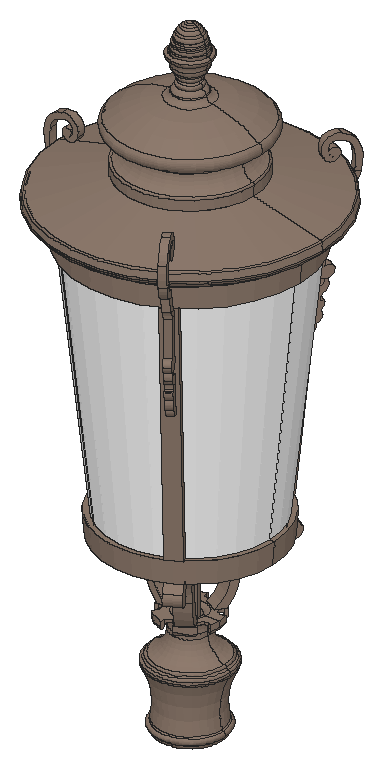
Revit family "LA664", category Generic Models, Revit 2017
Family settings
  Can host rebar = No
  Round Connector Dimension = Use Diameter
  Part Type = Normal
  Work Plane-Based = No
  Always vertical = Yes
  Cut with Voids When Loaded = No
  Shared = No
  Room Calculation Point = No
Parameters
  LUMIN = Bronze, Architectural
  LENS = Polycarbonate, Clear
Reference planes (in)
  plane 1 "Center (Front/Back)": y = 0
  plane 2: z = 0
  plane 3 "Center (Left/Right)": x = 0
Forms (in)
  Revolve 1, solid, material "Bronze, Architectural" <- "LUMIN"
    sketch origin (-64.081, 0, 0) x (1, 0, 0) y (0, 0, 1)
      loop
        arc (61.456, 4.56528) -> (61.36761, 4.52866) -> (61.331, 4.44028) r 0.125
        line (61.331, 4.44028) -> (61.331, 4.24444)
        arc (61.331, 4.24444) -> (61.34108, 4.19527) -> (61.36969, 4.15402) r 0.125
        arc (61.36969, 4.15402) -> (61.95357, 2.48636) -> (61.90586, 0.72007) r 4.88398
        arc (61.90586, 0.72007) -> (61.87218, 0.66816) -> (61.831, 0.62197) r 0.40627
        arc (61.831, 0.62197) -> (61.65387, 0.44484) -> (61.831, 0.26772) r 0.17712
        arc (61.831, 0.26772) -> (61.85568, 0.22329) -> (61.85414, 0.17248) r 0.0957
        arc (61.85414, 0.17248) -> (61.85807, 0.07412) -> (61.92287, 0) r 0.14793
        line (61.92287, 0) -> (62.12719, 0) -> (62.12719, 0.1875) -> (62.04558, 0.1875)
        arc (62.04558, 0.1875) -> (62.03743, 0.2694) -> (62.00607, 0.3455) r 0.2832
        arc (62.00607, 0.3455) -> (62.16087, 2.35795) -> (61.5185, 4.27139) r 5.07148
        line (61.5185, 4.27139) -> (61.5185, 4.38409)
        arc (61.5185, 4.38409) -> (61.6801, 4.47248) -> (61.76384, 4.63653) r 0.3125
        arc (61.76384, 4.63653) -> (62.61641, 5.27466) -> (63.01997, 6.26017) r 1.99769
        line (63.01997, 6.26017) -> (63.331, 6.26017) -> (63.331, 6.57267) -> (62.831, 6.57267) -> (62.831, 6.26017)
        arc (62.831, 6.26017) -> (62.46468, 5.38497) -> (61.706, 4.81528) r 1.81019
        arc (61.706, 4.81528) -> (61.61761, 4.77866) -> (61.581, 4.69028) r 0.125
        arc (61.581, 4.69028) -> (61.54439, 4.60189) -> (61.456, 4.56528) r 0.125
      axis (64.081, 0) -> (64.081, 6.57267)
    angle from 0 to 360
  Revolve 2, solid, material "Bronze, Architectural" <- "LUMIN"
    sketch origin (-64.081, 0, 0) x (1, 0, 0) y (0, 0, 1)
      loop
        line (58.20632, 13.74719) -> (58.31356, 12.26017) -> (63.556, 12.26017) -> (63.556, 6.26017) -> (63.7435, 6.26017) -> (63.7435, 12.44767) -> (58.80004, 12.44767) -> (58.70632, 13.74719) -> (58.20632, 13.74719)
      axis (64.081, 13.74719) -> (64.081, 6.26017)
    angle from 0 to 360
  Revolve 3, solid, material "Bronze, Architectural" <- "LUMIN"
    sketch origin (-64.081, 0, 0) x (1, 0, 0) y (0, 0, 1)
      loop
        arc (63.25792, 41.00219) -> (63.33988, 40.95988) -> (63.42575, 40.92619) r 0.89839
        arc (63.42575, 40.92619) -> (63.30525, 40.80568) -> (63.42575, 40.68518) r 0.1205
        arc (63.42575, 40.68518) -> (63.48752, 40.54515) -> (63.36382, 40.45503) r 0.12196
        arc (63.36382, 40.45503) -> (63.24331, 40.33452) -> (63.36382, 40.21402) r 0.1205
        line (63.36382, 40.21402) -> (64.081, 40.21402) -> (64.081, 44.15152)
        arc (64.081, 44.15152) -> (63.97649, 44.12543) -> (63.89652, 44.05329) r 0.22235
        arc (63.89652, 44.05329) -> (63.82734, 44.04144) -> (63.7687, 44.00287) r 0.17149
        arc (63.7687, 44.00287) -> (63.69531, 43.9684) -> (63.63659, 43.91249) r 0.25315
        arc (63.63659, 43.91249) -> (63.56778, 43.8769) -> (63.52144, 43.81483) r 0.17278
        arc (63.52144, 43.81483) -> (63.41569, 43.721) -> (63.35683, 43.59246) r 0.34261
        arc (63.35683, 43.59246) -> (63.29889, 43.53555) -> (63.27048, 43.45947) r 0.18738
        arc (63.27048, 43.45947) -> (63.17936, 43.35544) -> (63.16228, 43.21822) r 0.23566
        arc (63.16228, 43.21822) -> (63.14892, 43.19103) -> (63.1384, 43.16263) r 0.29547
        arc (63.1384, 43.16263) -> (63.12401, 43.10339) -> (63.11533, 43.04305) r 0.63757
        arc (63.11533, 43.04305) -> (63.06138, 43.00306) -> (63.03034, 42.9435) r 0.14966
        arc (63.03034, 42.9435) -> (63.02979, 42.91119) -> (63.03649, 42.87956) r 0.14359
        arc (63.03649, 42.87956) -> (63.02699, 42.81501) -> (63.02767, 42.74976) r 0.41699
        arc (63.02767, 42.74976) -> (62.97782, 42.64954) -> (62.98922, 42.5382) r 0.20119
        arc (62.98922, 42.5382) -> (62.96062, 42.49985) -> (62.94185, 42.45585) r 0.20169
        arc (62.94185, 42.45585) -> (62.94881, 42.33075) -> (62.98019, 42.20945) r 0.6349
        arc (62.98019, 42.20945) -> (62.93497, 42.20885) -> (62.89321, 42.19147) r 0.11939
        arc (62.89321, 42.19147) -> (62.87219, 42.25111) -> (62.84044, 42.3058) r 0.3384
        arc (62.84044, 42.3058) -> (62.734, 42.27064) -> (62.67241, 42.17699) r 0.17049
        arc (62.67241, 42.17699) -> (62.68943, 42.04929) -> (62.78775, 41.96604) r 0.17911
        arc (62.78775, 41.96604) -> (62.91293, 41.75829) -> (62.96526, 41.52144) r 0.74989
        arc (62.96526, 41.52144) -> (62.99146, 41.34731) -> (63.0614, 41.18571) r 0.68139
        arc (63.0614, 41.18571) -> (63.1458, 41.07911) -> (63.25792, 41.00219) r 0.45516
      axis (64.081, 40.21402) -> (64.081, 44.15152)
    angle from 0 to 360
  Revolve 4, solid, material "Bronze, Architectural" <- "LUMIN"
    sketch origin (-64.081, 0, 0) x (1, 0, 0) y (0, 0, 1)
      loop
        arc (63.17355, 39.81397) -> (62.95413, 39.46002) -> (62.57064, 39.29766) r 0.6875
        arc (62.57064, 39.29766) -> (60.88831, 38.89672) -> (59.38431, 38.04293) r 6.14541
        arc (59.38431, 38.04293) -> (59.27269, 37.71753) -> (59.52778, 37.48671) r 0.3125
        arc (59.52778, 37.48671) -> (59.59934, 37.47066) -> (59.67242, 37.46446) r 0.53948
        arc (59.67242, 37.46446) -> (60.30817, 37.23214) -> (60.66362, 36.65613) r 1.03303
        arc (60.66362, 36.65613) -> (60.43014, 35.90324) -> (59.831, 35.39102) r 1.41943
        line (59.831, 35.39102) -> (59.831, 34.64898) -> (55.09316, 33.45111) -> (55.02174, 33.06868) -> (54.831, 33.06868) -> (54.91618, 33.52485)
        arc (54.91618, 33.52485) -> (54.94793, 33.58746) -> (55.00842, 33.62309) r 0.125
        line (55.00842, 33.62309) -> (59.6435, 34.79497) -> (59.6435, 35.44368)
        arc (59.6435, 35.44368) -> (59.68011, 35.53207) -> (59.7685, 35.56868) r 0.125
        arc (59.7685, 35.56868) -> (60.27178, 36.00368) -> (60.47551, 36.63694) r 1.23193
        arc (60.47551, 36.63694) -> (60.18103, 37.09378) -> (59.66931, 37.27699) r 0.84553
        arc (59.66931, 37.27699) -> (59.56401, 37.2888) -> (59.45999, 37.30905) r 1.31392
        arc (59.45999, 37.30905) -> (59.08653, 37.69017) -> (59.26972, 38.19134) r 0.5
        arc (59.26972, 38.19134) -> (60.81961, 39.07119) -> (62.55327, 39.48436) r 6.33291
        arc (62.55327, 39.48436) -> (62.81933, 39.5918) -> (62.98251, 39.82782) r 0.5
        line (62.98251, 39.82782) -> (63.00314, 39.89135)
        arc (63.00314, 39.89135) -> (63.12689, 40.09224) -> (63.32899, 40.21402) r 0.5
        line (63.32899, 40.21402) -> (64.081, 40.21402) -> (64.081, 40.02652) -> (63.36118, 40.02652)
        arc (63.36118, 40.02652) -> (63.24299, 39.94213) -> (63.17571, 39.81343) r 0.3125
      axis (64.081, 33.06868) -> (64.081, 40.21402)
    angle from 0 to 360
  Revolve 5, solid, material "Bronze, Architectural" <- "LUMIN"
    sketch origin (-64.081, 0, 0) x (1, 0, 0) y (0, 0, 1)
      loop
        line (56.29108, 31.92186) -> (56.39317, 30.50618) -> (56.70702, 30.50618) -> (56.58599, 32.18444)
        arc (56.58599, 32.18444) -> (56.44848, 32.22754) -> (56.32395, 32.30006) r 0.64579
        arc (56.32395, 32.30006) -> (56.24161, 32.39062) -> (56.13983, 32.4586) r 0.50301
        arc (56.13983, 32.4586) -> (55.86646, 32.5655) -> (55.581, 32.63384) r 2.13249
        line (55.581, 32.63384) -> (55.581, 32.72605)
        arc (55.581, 32.72605) -> (55.42209, 32.7547) -> (55.2685, 32.80452) r 1.19502
        line (55.2685, 32.80452) -> (55.2685, 33.13118) -> (55.081, 33.13118) -> (55.081, 33.06868) -> (54.831, 33.06868)
        arc (54.831, 33.06868) -> (54.84074, 32.98555) -> (54.87676, 32.91) r 0.25615
        arc (54.87676, 32.91) -> (55.01512, 32.75212) -> (55.18896, 32.63444) r 0.82196
        arc (55.18896, 32.63444) -> (55.28995, 32.59758) -> (55.3935, 32.56868) r 1.38252
        line (55.3935, 32.56868) -> (55.3935, 32.46868)
        arc (55.3935, 32.46868) -> (55.73337, 32.409) -> (56.05734, 32.2902) r 1.94499
        arc (56.05734, 32.2902) -> (56.12008, 32.24783) -> (56.17091, 32.19173) r 0.31551
        arc (56.17091, 32.19173) -> (56.24451, 32.06282) -> (56.29108, 31.92186) r 0.74468
      axis (64.081, 30.50618) -> (64.081, 33.13118)
    angle from 0 to 360
  Extrusion 6, solid, material "Bronze, Architectural" <- "LUMIN"
    sketch origin (-64.081, 0, 0) x (1, 0, 0) y (0, 0, 1)
      loop
        arc (55.84896, 34.1465) -> (56.00824, 34.34534) -> (55.98127, 34.59868) r 0.33446
        arc (55.98127, 34.59868) -> (55.60871, 34.65738) -> (55.3885, 34.35118) r 0.35974
        arc (55.3885, 34.35118) -> (55.86989, 33.85494) -> (56.43177, 34.25779) r 0.52952
        arc (56.43177, 34.25779) -> (56.2786, 35.2112) -> (55.35467, 35.4919) r 0.91145
        arc (55.35467, 35.4919) -> (54.58887, 35.10385) -> (54.18299, 34.34736) r 1.43094
        arc (54.18299, 34.34736) -> (54.12098, 33.65042) -> (54.21882, 32.95761) r 3.06178
        line (54.21882, 32.95761) -> (54.59079, 33.01818)
        arc (54.59079, 33.01818) -> (54.49632, 33.64404) -> (54.55088, 34.27463) r 2.68678
        arc (54.55088, 34.27463) -> (54.85696, 34.84147) -> (55.43542, 35.12499) r 1.05594
        arc (55.43542, 35.12499) -> (56.08594, 34.82094) -> (55.85128, 34.14229) r 0.53645
    from -0.25 to 0.25
  Extrusion 7, solid, material "Bronze, Architectural" <- "LUMIN"
    sketch origin (-64.081, 0, 0) x (1, 0, 0) y (0, 0, 1)
      loop
        line (54.5907, 33.00591) -> (54.21882, 32.95761)
        arc (54.21882, 32.95761) -> (54.5477, 32.22073) -> (55.22718, 31.78545) r 1.40798
        line (55.22718, 31.78545) -> (55.32981, 30.84723)
        arc (55.32981, 30.84723) -> (55.81463, 30.54062) -> (56.04934, 30.0172) r 0.99412
        line (56.04934, 30.0172) -> (56.35534, 27.21983)
        arc (56.35534, 27.21983) -> (55.99646, 27.44643) -> (55.75989, 27.09405) r 0.30441
        arc (55.75989, 27.09405) -> (55.98304, 26.7195) -> (56.41583, 26.66678) r 0.4949
        arc (56.41583, 26.66678) -> (56.65912, 26.83697) -> (56.74331, 27.12168) r 0.44968
        line (56.74331, 27.12168) -> (56.42174, 30.06139)
        arc (56.42174, 30.06139) -> (56.18123, 30.68007) -> (55.67799, 31.11291) r 1.36912
        line (55.67799, 31.11291) -> (55.56925, 32.10698)
        arc (55.56925, 32.10698) -> (54.91625, 32.37822) -> (54.5907, 33.00591) r 1.03298
    from -0.25 to 0.25
  Extrusion 8, solid, material "Bronze, Architectural" <- "LUMIN"
    sketch origin (-64.081, 0, 0) x (1, 0, 0) y (0, 0, 1)
      loop
        arc (56.21473, 26.64157) -> (56.10058, 26.36652) -> (56.14916, 26.07271) r 0.54137
        arc (56.14916, 26.07271) -> (56.24476, 25.91225) -> (56.3774, 25.78073) r 0.74233
        arc (56.3774, 25.78073) -> (56.55819, 25.5933) -> (56.59605, 25.33566) r 0.42584
        arc (56.59605, 25.33566) -> (56.49271, 25.25662) -> (56.3691, 25.29725) r 0.13947
        arc (56.3691, 25.29725) -> (56.37331, 24.96683) -> (56.55762, 24.69256) r 0.57882
        arc (56.55762, 24.69256) -> (56.49642, 24.22487) -> (56.8593, 23.92354) r 0.48838
        arc (56.8593, 23.92354) -> (56.86965, 23.61727) -> (57.14201, 23.47683) r 0.30285
        line (57.14201, 23.47683) -> (56.85967, 26.16312)
        arc (56.85967, 26.16312) -> (56.45717, 26.25863) -> (56.30072, 26.64157) r 0.45227
        arc (56.30072, 26.64157) -> (56.25773, 26.63925) -> (56.21473, 26.64157) r 0.40001
    from -0.25 to 0.25
  Extrusion 9, solid, material "Bronze, Architectural" <- "LUMIN"
    sketch origin (-64.081, 0, 0) x (1, 0, 0) y (0, 0, 1)
      loop
        line (58.58263, 13.74719) -> (56.74939, 30.50618) -> (56.37309, 30.50618) -> (58.20632, 13.74719) -> (58.58263, 13.74719)
    from -0.5625 to 0.5625
  Revolve 10, solid, material "Polycarbonate, Clear" <- "LENS"
    sketch origin (-64.081, 0, 0) x (1, 0, 0) y (0, 0, 1)
      loop
        line (56.73719, 30.61771) -> (58.64014, 13.22148) -> (58.76588, 13.22148) -> (56.86145, 30.63131) -> (56.73719, 30.61771)
      axis (64.081, 30.63131) -> (64.081, 13.22148)
    angle from 0 to 360
  Extrusion 11, solid, material "Bronze, Architectural" <- "LUMIN"
    sketch origin (32.0405, 55.49577, 0) x (-0.5, -0.866025, 0) y (0, 0, 1)
      loop
        arc (55.84896, 34.1465) -> (56.00824, 34.34534) -> (55.98127, 34.59868) r 0.33446
        arc (55.98127, 34.59868) -> (55.60871, 34.65738) -> (55.3885, 34.35118) r 0.35974
        arc (55.3885, 34.35118) -> (55.86989, 33.85494) -> (56.43177, 34.25779) r 0.52952
        arc (56.43177, 34.25779) -> (56.2786, 35.2112) -> (55.35467, 35.4919) r 0.91145
        arc (55.35467, 35.4919) -> (54.58887, 35.10385) -> (54.18299, 34.34736) r 1.43094
        arc (54.18299, 34.34736) -> (54.12098, 33.65042) -> (54.21882, 32.95761) r 3.06178
        line (54.21882, 32.95761) -> (54.59079, 33.01818)
        arc (54.59079, 33.01818) -> (54.49632, 33.64404) -> (54.55088, 34.27463) r 2.68678
        arc (54.55088, 34.27463) -> (54.85696, 34.84147) -> (55.43542, 35.12499) r 1.05594
        arc (55.43542, 35.12499) -> (56.08594, 34.82094) -> (55.85128, 34.14229) r 0.53645
    from -0.25 to 0.25
  Extrusion 12, solid, material "Bronze, Architectural" <- "LUMIN"
    sketch origin (32.0405, 55.49577, 0) x (-0.5, -0.866025, 0) y (0, 0, 1)
      loop
        line (54.5907, 33.00591) -> (54.21882, 32.95761)
        arc (54.21882, 32.95761) -> (54.5477, 32.22073) -> (55.22718, 31.78545) r 1.40798
        line (55.22718, 31.78545) -> (55.32981, 30.84723)
        arc (55.32981, 30.84723) -> (55.81463, 30.54062) -> (56.04934, 30.0172) r 0.99412
        line (56.04934, 30.0172) -> (56.35534, 27.21983)
        arc (56.35534, 27.21983) -> (55.99646, 27.44643) -> (55.75989, 27.09405) r 0.30441
        arc (55.75989, 27.09405) -> (55.98304, 26.7195) -> (56.41583, 26.66678) r 0.4949
        arc (56.41583, 26.66678) -> (56.65912, 26.83697) -> (56.74331, 27.12168) r 0.44968
        line (56.74331, 27.12168) -> (56.42174, 30.06139)
        arc (56.42174, 30.06139) -> (56.18123, 30.68007) -> (55.67799, 31.11291) r 1.36912
        line (55.67799, 31.11291) -> (55.56925, 32.10698)
        arc (55.56925, 32.10698) -> (54.91625, 32.37822) -> (54.5907, 33.00591) r 1.03298
    from -0.25 to 0.25
  Extrusion 13, solid, material "Bronze, Architectural" <- "LUMIN"
    sketch origin (32.0405, 55.49577, 0) x (-0.5, -0.866025, 0) y (0, 0, 1)
      loop
        arc (56.21473, 26.64157) -> (56.10058, 26.36652) -> (56.14916, 26.07271) r 0.54137
        arc (56.14916, 26.07271) -> (56.24476, 25.91225) -> (56.3774, 25.78073) r 0.74233
        arc (56.3774, 25.78073) -> (56.55819, 25.5933) -> (56.59605, 25.33566) r 0.42584
        arc (56.59605, 25.33566) -> (56.49271, 25.25662) -> (56.3691, 25.29725) r 0.13947
        arc (56.3691, 25.29725) -> (56.37331, 24.96683) -> (56.55762, 24.69256) r 0.57882
        arc (56.55762, 24.69256) -> (56.49642, 24.22487) -> (56.8593, 23.92354) r 0.48838
        arc (56.8593, 23.92354) -> (56.86965, 23.61727) -> (57.14201, 23.47683) r 0.30285
        line (57.14201, 23.47683) -> (56.85967, 26.16312)
        arc (56.85967, 26.16312) -> (56.45717, 26.25863) -> (56.30072, 26.64157) r 0.45227
        arc (56.30072, 26.64157) -> (56.25773, 26.63925) -> (56.21473, 26.64157) r 0.40001
    from -0.25 to 0.25
  Extrusion 14, solid, material "Bronze, Architectural" <- "LUMIN"
    sketch origin (32.0405, -55.49577, 0) x (-0.5, 0.866025, 0) y (0, 0, 1)
      loop
        arc (55.84896, 34.1465) -> (56.00824, 34.34534) -> (55.98127, 34.59868) r 0.33446
        arc (55.98127, 34.59868) -> (55.60871, 34.65738) -> (55.3885, 34.35118) r 0.35974
        arc (55.3885, 34.35118) -> (55.86989, 33.85494) -> (56.43177, 34.25779) r 0.52952
        arc (56.43177, 34.25779) -> (56.2786, 35.2112) -> (55.35467, 35.4919) r 0.91145
        arc (55.35467, 35.4919) -> (54.58887, 35.10385) -> (54.18299, 34.34736) r 1.43094
        arc (54.18299, 34.34736) -> (54.12098, 33.65042) -> (54.21882, 32.95761) r 3.06178
        line (54.21882, 32.95761) -> (54.59079, 33.01818)
        arc (54.59079, 33.01818) -> (54.49632, 33.64404) -> (54.55088, 34.27463) r 2.68678
        arc (54.55088, 34.27463) -> (54.85696, 34.84147) -> (55.43542, 35.12499) r 1.05594
        arc (55.43542, 35.12499) -> (56.08594, 34.82094) -> (55.85128, 34.14229) r 0.53645
    from -0.25 to 0.25
  Extrusion 15, solid, material "Bronze, Architectural" <- "LUMIN"
    sketch origin (32.0405, -55.49577, 0) x (-0.5, 0.866025, 0) y (0, 0, 1)
      loop
        line (54.5907, 33.00591) -> (54.21882, 32.95761)
        arc (54.21882, 32.95761) -> (54.5477, 32.22073) -> (55.22718, 31.78545) r 1.40798
        line (55.22718, 31.78545) -> (55.32981, 30.84723)
        arc (55.32981, 30.84723) -> (55.81463, 30.54062) -> (56.04934, 30.0172) r 0.99412
        line (56.04934, 30.0172) -> (56.35534, 27.21983)
        arc (56.35534, 27.21983) -> (55.99646, 27.44643) -> (55.75989, 27.09405) r 0.30441
        arc (55.75989, 27.09405) -> (55.98304, 26.7195) -> (56.41583, 26.66678) r 0.4949
        arc (56.41583, 26.66678) -> (56.65912, 26.83697) -> (56.74331, 27.12168) r 0.44968
        line (56.74331, 27.12168) -> (56.42174, 30.06139)
        arc (56.42174, 30.06139) -> (56.18123, 30.68007) -> (55.67799, 31.11291) r 1.36912
        line (55.67799, 31.11291) -> (55.56925, 32.10698)
        arc (55.56925, 32.10698) -> (54.91625, 32.37822) -> (54.5907, 33.00591) r 1.03298
    from -0.25 to 0.25
  Extrusion 16, solid, material "Bronze, Architectural" <- "LUMIN"
    sketch origin (32.0405, -55.49577, 0) x (-0.5, 0.866025, 0) y (0, 0, 1)
      loop
        arc (56.21473, 26.64157) -> (56.10058, 26.36652) -> (56.14916, 26.07271) r 0.54137
        arc (56.14916, 26.07271) -> (56.24476, 25.91225) -> (56.3774, 25.78073) r 0.74233
        arc (56.3774, 25.78073) -> (56.55819, 25.5933) -> (56.59605, 25.33566) r 0.42584
        arc (56.59605, 25.33566) -> (56.49271, 25.25662) -> (56.3691, 25.29725) r 0.13947
        arc (56.3691, 25.29725) -> (56.37331, 24.96683) -> (56.55762, 24.69256) r 0.57882
        arc (56.55762, 24.69256) -> (56.49642, 24.22487) -> (56.8593, 23.92354) r 0.48838
        arc (56.8593, 23.92354) -> (56.86965, 23.61727) -> (57.14201, 23.47683) r 0.30285
        line (57.14201, 23.47683) -> (56.85967, 26.16312)
        arc (56.85967, 26.16312) -> (56.45717, 26.25863) -> (56.30072, 26.64157) r 0.45227
        arc (56.30072, 26.64157) -> (56.25773, 26.63925) -> (56.21473, 26.64157) r 0.40001
    from -0.25 to 0.25
  Extrusion 17, solid, material "Bronze, Architectural" <- "LUMIN"
    sketch origin (32.0405, 55.49577, 0) x (-0.5, -0.866025, 0) y (0, 0, 1)
      loop
        line (58.58263, 13.74719) -> (56.74939, 30.50618) -> (56.37309, 30.50618) -> (58.20632, 13.74719) -> (58.58263, 13.74719)
    from -0.5625 to 0.5625
  Extrusion 18, solid, material "Bronze, Architectural" <- "LUMIN"
    sketch origin (32.0405, -55.49577, 0) x (-0.5, 0.866025, 0) y (0, 0, 1)
      loop
        line (58.58263, 13.74719) -> (56.74939, 30.50618) -> (56.37309, 30.50618) -> (58.20632, 13.74719) -> (58.58263, 13.74719)
    from -0.5625 to 0.5625
  Revolve 19, solid, material "Bronze, Architectural" <- "LUMIN"
    sketch origin (-64.081, 0, 0) x (1, 0, 0) y (0, 0, 1)
      loop
        arc (62.0185, 7.03521) -> (62.07982, 6.95313) -> (62.17481, 6.99154) r 0.08392
        line (62.17481, 6.99154) -> (62.25429, 7.174)
        arc (62.25429, 7.174) -> (62.50429, 7.33779) -> (62.75429, 7.174) r 0.27268
        arc (62.75429, 7.174) -> (62.83561, 6.87882) -> (62.831, 6.57267) r 1.08212
        line (62.831, 6.57267) -> (63.55838, 6.57267) -> (63.55838, 6.99797)
        arc (63.55838, 6.99797) -> (63.42571, 7.09269) -> (63.331, 7.22535) r 0.49508
        arc (63.331, 7.22535) -> (63.18478, 7.38753) -> (62.97488, 7.44767) r 0.39639
        line (62.97488, 7.44767) -> (62.0185, 7.44767) -> (62.0185, 7.03521)
      axis (64.081, 6.57267) -> (64.081, 7.44767)
    angle from 0 to 360
  Extrusion 20, void
    sketch origin (-56.081, -0.03125, 0) x (1, 0, 0) y (0, 1, 0)
      loop
        arc (55.72344, 1.83857) -> (56.06738, 1.57465) -> (56.41133, 1.83857) r 0.35608
        line (56.41133, 1.83857) -> (56.5283, 2.2751) -> (55.60647, 2.2751) -> (55.72344, 1.83857)
    from 6.57267 to 7.44767
  Extrusion 21, void
    sketch origin (-56.081, 0.03125, 0) x (1, 0, 0) y (0, 1, 0)
      loop
        line (55.72344, -1.83857) -> (55.60647, -2.2751) -> (56.5283, -2.2751) -> (56.41133, -1.83857)
        arc (56.41133, -1.83857) -> (56.06738, -1.57465) -> (55.72344, -1.83857) r 0.35608
    from 6.57267 to 7.44767
  Extrusion 22, void
    sketch origin (28.06756, -48.55194, 0) x (-0.5, 0.866025, 0) y (-0.866025, -0.5, 0)
      loop
        arc (55.72344, 1.83857) -> (56.06738, 1.57465) -> (56.41133, 1.83857) r 0.35608
        line (56.41133, 1.83857) -> (56.5283, 2.2751) -> (55.60647, 2.2751) -> (55.72344, 1.83857)
    from 6.57267 to 7.44767
  Extrusion 23, void
    sketch origin (28.01344, 48.58319, 0) x (-0.5, -0.866025, 0) y (0.866025, -0.5, 0)
      loop
        arc (55.72344, 1.83857) -> (56.06738, 1.57465) -> (56.41133, 1.83857) r 0.35608
        line (56.41133, 1.83857) -> (56.5283, 2.2751) -> (55.60647, 2.2751) -> (55.72344, 1.83857)
    from 6.57267 to 7.44767
  Extrusion 24, void
    sketch origin (28.06756, 48.55194, 0) x (-0.5, -0.866025, 0) y (0.866025, -0.5, 0)
      loop
        line (55.72344, -1.83857) -> (55.60647, -2.2751) -> (56.5283, -2.2751) -> (56.41133, -1.83857)
        arc (56.41133, -1.83857) -> (56.06738, -1.57465) -> (55.72344, -1.83857) r 0.35608
    from 6.57267 to 7.44767
  Extrusion 25, void
    sketch origin (28.01344, -48.58319, 0) x (-0.5, 0.866025, 0) y (-0.866025, -0.5, 0)
      loop
        line (55.72344, -1.83857) -> (55.60647, -2.2751) -> (56.5283, -2.2751) -> (56.41133, -1.83857)
        arc (56.41133, -1.83857) -> (56.06738, -1.57465) -> (55.72344, -1.83857) r 0.35608
    from 6.57267 to 7.44767
  Extrusion 26, solid, material "Bronze, Architectural" <- "LUMIN"
    sketch origin (0.00086, 0, 0.00111) x (1, 0, 0) y (0, 0, 1)
      loop
        arc (-1.19272, 7.44767) -> (-1.90679, 8.33635) -> (-2.22871, 9.42997) r 2.9372
        arc (-2.22871, 9.42997) -> (-2.98991, 11.2318) -> (-4.65377, 12.26017) r 3.21861
        line (-4.65377, 12.26017) -> (-5.55625, 12.26017)
        arc (-5.55625, 12.26017) -> (-5.9244, 12.0846) -> (-6.23632, 11.8218) r 1.6028
        arc (-6.23632, 11.8218) -> (-6.26038, 11.13451) -> (-5.58501, 11.00486) r 0.52871
        arc (-5.58501, 11.00486) -> (-5.44812, 11.3563) -> (-5.70024, 11.63681) r 0.35974
        arc (-5.70024, 11.63681) -> (-5.36227, 11.80315) -> (-4.98592, 11.81899) r 0.91358
        arc (-4.98592, 11.81899) -> (-3.44079, 10.98632) -> (-2.72651, 9.38301) r 2.71861
        arc (-2.72651, 9.38301) -> (-2.46257, 8.35144) -> (-1.89953, 7.44767) r 3.4859
        line (-1.89953, 7.44767) -> (-1.19272, 7.44767)
    from -0.5625 to 0.5625
  Extrusion 27, solid, material "Bronze, Architectural" <- "LUMIN"
    sketch origin (-0.00043, -0.00075, 0.00111) x (-0.5, -0.866025, 0) y (0, 0, 1)
      loop
        arc (-1.19272, 7.44767) -> (-1.90679, 8.33635) -> (-2.22871, 9.42997) r 2.9372
        arc (-2.22871, 9.42997) -> (-2.98991, 11.2318) -> (-4.65377, 12.26017) r 3.21861
        line (-4.65377, 12.26017) -> (-5.55625, 12.26017)
        arc (-5.55625, 12.26017) -> (-5.9244, 12.0846) -> (-6.23632, 11.8218) r 1.6028
        arc (-6.23632, 11.8218) -> (-6.26038, 11.13451) -> (-5.58501, 11.00486) r 0.52871
        arc (-5.58501, 11.00486) -> (-5.44812, 11.3563) -> (-5.70024, 11.63681) r 0.35974
        arc (-5.70024, 11.63681) -> (-5.36227, 11.80315) -> (-4.98592, 11.81899) r 0.91358
        arc (-4.98592, 11.81899) -> (-3.44079, 10.98632) -> (-2.72651, 9.38301) r 2.71861
        arc (-2.72651, 9.38301) -> (-2.46257, 8.35144) -> (-1.89953, 7.44767) r 3.4859
        line (-1.89953, 7.44767) -> (-1.19272, 7.44767)
    from -0.5625 to 0.5625
  Extrusion 28, solid, material "Bronze, Architectural" <- "LUMIN"
    sketch origin (-0.00043, 0.00075, 0.00111) x (-0.5, 0.866025, 0) y (0, 0, 1)
      loop
        arc (-1.19272, 7.44767) -> (-1.90679, 8.33635) -> (-2.22871, 9.42997) r 2.9372
        arc (-2.22871, 9.42997) -> (-2.98991, 11.2318) -> (-4.65377, 12.26017) r 3.21861
        line (-4.65377, 12.26017) -> (-5.55625, 12.26017)
        arc (-5.55625, 12.26017) -> (-5.9244, 12.0846) -> (-6.23632, 11.8218) r 1.6028
        arc (-6.23632, 11.8218) -> (-6.26038, 11.13451) -> (-5.58501, 11.00486) r 0.52871
        arc (-5.58501, 11.00486) -> (-5.44812, 11.3563) -> (-5.70024, 11.63681) r 0.35974
        arc (-5.70024, 11.63681) -> (-5.36227, 11.80315) -> (-4.98592, 11.81899) r 0.91358
        arc (-4.98592, 11.81899) -> (-3.44079, 10.98632) -> (-2.72651, 9.38301) r 2.71861
        arc (-2.72651, 9.38301) -> (-2.46257, 8.35144) -> (-1.89953, 7.44767) r 3.4859
        line (-1.89953, 7.44767) -> (-1.19272, 7.44767)
    from -0.5625 to 0.5625
Cuts and joins
  Extrusion 20, Extrusion 21, Extrusion 22, Extrusion 23, Extrusion 24, Extrusion 25 cuts Revolve 19
Dimensions and locks (in)
  aligned and locked: plane 2 to level
